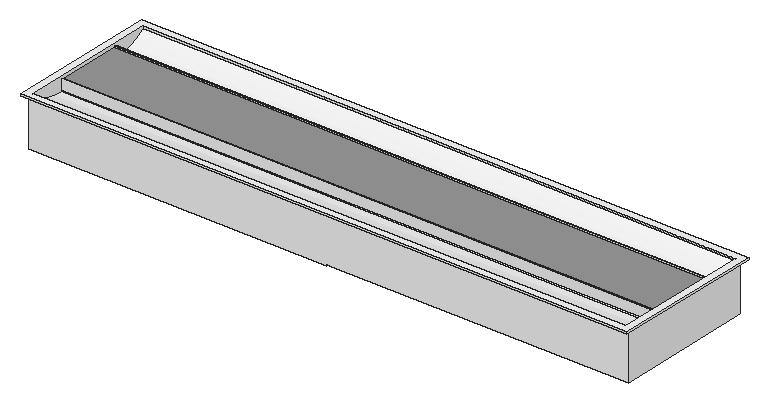
Revit family "2069269 Feilo Sylvania Lighting Fixture OFFICELYTE 1200 HE 4K SSH01 EM", category Lighting Fixtures, host Face, Revit 2017
Family settings
  Host = Face
  Round Connector Dimension = Use Diameter
  Part Type = Normal
  OmniClass Number = 23.80.70.11.17
  OmniClass Title = Specialized Lighting by Location or Use
  Cut with Voids When Loaded = No
  Light Source = Yes
  Shared = No
  Room Calculation Point = No
Parameters (values of type "2069269 OFFICELYTE 1200 HE 4K SSH01 EM")
  Width = 297.0 mm
  Weight = 5.90 kg
  Wattage = 28 W
  built-in parameter 1150110 = 1 (stored number, unit not read)
  Voltage Comments = "UNV (Universal Voltage; 230-240 Volt)"  # constant formula
  Voltage = 230 V  # constant formula
  URL = "http://www.sylvania-lighting.com"
  built-in parameter 1114217 = 1 (stored number, unit not read)
  Tilt Angle = 90.00°
  built-in parameter 1150109 = 1 (stored number, unit not read)
  built-in parameter 1150134 = 12
  built-in parameter 1150113 = 1 (stored number, unit not read)
  Product Page URL = "http://www.sylvania-lighting.com/product/en-int/products/2069269"
  Product Family = "OFFICELYTE LP LED"  # constant formula
  Photometry Comments = ""
  Photometric Web File = "2069269.ies"
  Life = "50 000 h"  # constant formula
  Length = 1197.0 mm
  LOR = "100 %"
  Keynote = "16500"
  IP Rating = "IP40"  # constant formula
  IK Rating = "IK02"  # constant formula
  Glow Wire Test = 650 °C  # constant formula
  Glare Control = "UGR <19"  # constant formula
  Electrical Protection = "CLASS I"  # constant formula
  Diffuser Material = Acrylic_Sylvania_Officelyte LP LED_Satin_4000K
  Height = 95.0 mm
  built-in parameter 1114216 [instance] = 1 (stored number, unit not read)
  Model = "OFFICELYTE 1200 HE 4K SSH01 EM"
  Manufacturer = "Havells-Sylvania Group"  # constant formula
  built-in parameter 1150105 = 1892.3 (stored number, unit not read)
  Lumens = 3444 lm
  built-in parameter 1150115 = 1 (stored number, unit not read)
  built-in parameter 1150137 = (empty or 0)
  built-in parameter 1150139 = (empty or 0)
  built-in parameter 1150112 = 1 (stored number, unit not read)
  built-in parameter 1150114 = 1 (stored number, unit not read)
  Lamp = "LED"
  built-in parameter 1150132 = 2
  built-in parameter 1150102 = (empty or 0)
  built-in parameter 1150107 = 4000 (stored number, unit not read)
  built-in parameter 1150138 = (empty or 0)
  built-in parameter 1150106 = 18.923 (stored number, unit not read)
  Reflector Material = Steel_Sylvania_Officelyte LP LED_White_RAL 9016
  Emit from Rectangle Width = 564.0 mm
  Emit from Rectangle Length = 564.0 mm
  Emit Shape Visible in Rendering = no
  built-in parameter 1150104 = 11.427 (stored number, unit not read)
  Dimming Lamp Color Temperature Shift = <None>
  CRI ( Ra ) = 85
  Body Material = Steel_Sylvania_Officelyte LP LED_White_RAL 9016
  Description = "The Concord OFFICELYTE LP LED HO 4K 600 is a high efficient luminaire for Office, education, meeting rooms. With efficacy of 95lm/W, at 4549lm, CRI of 85 and a very low glare ratio according to EN12464."  # constant formula
  Default Elevation = 0.0 mm
  Color Filter = 16777215
  Catalog Number = "2064456 OFFICELYTE LP LED HE 4K 600"
  built-in parameter 1140040 [instance] = 1
  built-in parameter 1114218 = 1 (stored number, unit not read)
  built-in parameter 1150133 = 10 (stored number, unit not read)
  Assembly Code = "D5020200"
  Apparent Load Comments = ""
  Apparent Load = 28 VA
Reference planes
  plane 1 "Center (Front/Back)": x = 0.711
  plane 2: z = 0
  plane 3 "Center (Left/Right)": y = -70.403
  plane 4 "Fixture Bottom": z = 3
  plane 5 "Fixture Right": y = 78.097
  plane 6 "Profile Right": y = 64.597
  plane 7 "Profile Left": y = -205.403
  plane 8 "Fixture Left": y = -218.903
  plane 9 "Profile Back": x = -578.136
  plane 10 "Fixture Back": x = -591.636
  plane 11 "Fixture Front": x = 599.211
  plane 12: z = -25
  plane 13 "Box Right": y = 66.597
  plane 14 "Box Left": y = -207.403
  plane 15 "Box Back": x = -584.886
  plane 16 "Box Front": x = 587.711
  plane 17: y = -3.903
  plane 18: y = -136.903
  plane 19 "Difuser Right": y = -6.903
  plane 20 "Difuser Left": y = -133.903
  plane 21: z = -2
  plane 22: z = -4
  plane 23 "Profile Front": x = 585.711
  plane 24 "Fixture Top": z = -95
  plane 25 "Box Thickness": z = -93
  plane 26: z = -20
  plane 27: x = -597.789
  plane 28: x = 599.211
Forms (mm)
  Extrusion 1, void
    sketch origin (0, 0, 59) x (-1, 0, 0) y (0, -1, 0)
      loop
        line (-587.711, -66.597) -> (584.886, -66.597) -> (584.886, 207.403) -> (-587.711, 207.403) -> (-587.711, -66.597)
    from -152 to -56
  Extrusion 2, solid, material "Steel_Sylvania_Officelyte LP LED_White_RAL 9016" <- "Reflector Material", detail levels fine
    sketch origin (-294.136, -50.403, 59) x (0, -1, 0) y (1, 0, 0)
      loop
        line (-128.5, -297.5) -> (168.5, -297.5) -> (168.5, 893.347) -> (-128.5, 893.347) -> (-128.5, -297.5)
      loop
        line (155, -284) -> (155, 879.847) -> (-115, 879.847) -> (-115, -284) -> (155, -284)
    from -59 to -56
  Extrusion 3, solid, material "Steel_Sylvania_Officelyte LP LED_White_RAL 9016" <- "Reflector Material", detail levels fine
    sketch origin (0.711, -70.403, 0) x (0, 1, 0) y (0, 0, 1)
      loop
        arc (-65.868, -23.244) -> (-102.251, -17.422) -> (-135, -0.537) r 116.591
        line (-135, -0.537) -> (-135, -2.581)
        arc (-135, -2.581) -> (-102.244, -19.433) -> (-65.868, -25.244) r 116.772
        line (-65.868, -25.244) -> (65.87, -25.244)
        arc (65.87, -25.244) -> (102.245, -19.434) -> (135, -2.581) r 116.769
        line (135, -2.581) -> (135, -0.538)
        arc (135, -0.538) -> (102.252, -17.422) -> (65.87, -23.244) r 116.587
        line (65.87, -23.244) -> (-65.868, -23.244)
    from -578.847 to 585
  Extrusion 4, solid, material "Steel_Sylvania_Officelyte LP LED_White_RAL 9016" <- "Reflector Material", detail levels fine
    sketch origin (-294.136, -70.403, 59) x (0, -1, 0) y (1, 0, 0)
      loop
        line (135, -284) -> (135, 879.847) -> (-135, 879.847) -> (-135, -284) -> (135, -284)
      loop
        line (137, -290.75) -> (137, 886.648) -> (-137, 886.648) -> (-137, -290.75) -> (137, -290.75)
    from -152 to -59
  Extrusion 5, solid, material "Steel_Sylvania_Officelyte LP LED_White_RAL 9016" <- "Reflector Material", detail levels fine
    sketch origin (0, 0, 59) x (-1, 0, 0) y (0, -1, 0)
      loop
        line (578.136, 133.903) -> (578.136, 136.903) -> (-585.711, 136.903) -> (-585.711, 133.903) -> (578.136, 133.903)
      loop
        line (-585.711, 6.903) -> (-585.711, 3.903) -> (578.136, 3.903) -> (578.136, 6.903) -> (-585.711, 6.903)
    from -79 to -59
  Extrusion 6, solid, material "Acrylic_Sylvania_Officelyte LP LED_Satin_4000K" <- "Diffuser Material", detail levels fine
    sketch origin (0, 0, -581) x (-1, 0, 0) y (0, -1, 0)
      loop
        line (578.136, 133.903) -> (-585.711, 133.903) -> (-585.711, 6.903) -> (578.136, 6.903) -> (578.136, 133.903)
    from 577 to 579
  Extrusion 7, solid, material "Steel_Sylvania_Officelyte LP LED_White_RAL 9016" <- "Body Material", detail levels coarse+medium
    sketch origin (-294.136, -70.403, 59) x (0, -1, 0) y (1, 0, 0)
      loop
        line (148.5, -297.5) -> (148.5, 893.347) -> (-148.5, 893.347) -> (-148.5, -297.5) -> (148.5, -297.5)
    from -59 to -56
  Extrusion 8, solid, material "Steel_Sylvania_Officelyte LP LED_White_RAL 9016" <- "Body Material", detail levels coarse+medium
    sketch origin (0, 0, -501) x (-1, 0, 0) y (0, -1, 0)
      loop
        line (584.886, -66.597) -> (584.886, 207.403) -> (-587.711, 207.403) -> (-587.711, -66.597) -> (584.886, -66.597)
    from 406 to 501
  Extrusion 9, solid, material "Steel_Sylvania_Officelyte LP LED_White_RAL 9016" <- "Reflector Material", detail levels fine
    sketch origin (-294.136, -70.403, 59) x (0, -1, 0) y (1, 0, 0)
      loop
        line (-137, -290.75) -> (137, -290.75) -> (137, 294.847) -> (-137, 294.847) -> (-137, -290.75)
    from -154 to -152
Cuts and joins
  joined: Extrusion 2, Extrusion 4, Extrusion 9
  joined: Extrusion 3, Extrusion 5
Lines and regions (mm)
  symbolic lines
    curve 1: line (-591.636, -218.903, 59) -> (-591.636, 78.097, 59)
    curve 2: line (599.211, -218.903, 59) -> (-591.636, -218.903, 59)
    curve 3: line (599.211, 78.097, 59) -> (599.211, -218.903, 59)
    curve 4: line (-591.636, 78.097, 59) -> (599.211, 78.097, 59)
Dimensions and locks
  "Height": host face to plane 24 "Fixture Top"
  locked: plane 25 "Box Thickness" to plane 24 "Fixture Top" at 2
  plane 18 to plane 20 "Difuser Left" = 3.0 mm
  plane 19 "Difuser Right" to plane 17 = 3.0 mm
  plane 8 "Fixture Left" to plane 14 "Box Left" to plane 7 "Profile Left" = 11.5 mm, 2.0 mm
  plane 10 "Fixture Back" to plane 15 "Box Back" to plane 9 "Profile Back" = 6.75 mm, 6.75 mm
  plane 6 "Profile Right" to plane 13 "Box Right" to plane 5 "Fixture Right" = 2.0 mm, 11.5 mm
  plane 23 "Profile Front" to plane 16 "Box Front" to plane 11 "Fixture Front" = 2.0 mm, 11.5 mm
  plane 4 "Fixture Bottom" to plane 2 to plane 21 to plane 22 to plane 12 = 3.0 mm locked, 2.0 mm locked, 2.0 mm locked, 21.0 mm locked
  equal spacing: plane 8 "Fixture Left", plane 3 "Center (Left/Right)", plane 5 "Fixture Right", locked at 148.5 each
  "Width": plane 8 "Fixture Left" to plane 5 "Fixture Right"
  equal spacing: plane 27, plane 1 "Center (Front/Back)", plane 28, locked at 598.5 each
  "Length": plane 27 to plane 28
  aligned and locked: plane 2 to host face
  aligned and locked: level to host face
  aligned and locked: Extrusion 2 to plane 10 "Fixture Back"
  aligned and locked: Extrusion 2 to plane 8 "Fixture Left"
  aligned and locked: plane 7 "Profile Left" to Extrusion 2
  aligned and locked: plane 5 "Fixture Right" to Extrusion 2
  aligned and locked: Extrusion 2 to plane 6 "Profile Right"
  aligned and locked: plane 4 "Fixture Bottom" to Extrusion 2
  aligned and locked: plane 21 to Extrusion 6
  aligned and locked: Extrusion 6 to plane 22
  aligned and locked: Extrusion 7 sketch curve to plane 10 "Fixture Back"
  aligned and locked: plane 5 "Fixture Right" to Extrusion 7 sketch curve
  aligned and locked: Extrusion 8 to plane 24 "Fixture Top"
  aligned and locked: level to Extrusion 8
  aligned and locked: Extrusion 4 sketch curve to plane 9 "Profile Back"
  aligned and locked: Extrusion 4 to Extrusion 1
  aligned and locked: Extrusion 1 to imposter light
  aligned and locked: Extrusion 9 to plane 24 "Fixture Top"
  aligned and locked: plane 25 "Box Thickness" to Extrusion 9
  aligned and locked: cut or joined group of Extrusion 2, Extrusion 4, Extrusion 9 to plane 25 "Box Thickness"
  aligned and locked: Extrusion 4 sketch curve to plane 13 "Box Right"
  aligned and locked: plane 15 "Box Back" to Extrusion 4 sketch curve
  aligned and locked: Extrusion 4 sketch curve to plane 14 "Box Left"
  aligned and locked: plane 13 "Box Right" to Extrusion 9 sketch curve
  aligned and locked: Extrusion 9 sketch curve to plane 15 "Box Back"
  aligned and locked: Extrusion 9 sketch curve to plane 14 "Box Left"
  aligned and locked: cut or joined group of Extrusion 3, Extrusion 5 to plane 7 "Profile Left"
  aligned and locked: cut or joined group of Extrusion 3, Extrusion 5 to plane 6 "Profile Right"
  aligned and locked: cut or joined group of Extrusion 3, Extrusion 5 to plane 9 "Profile Back"
  aligned and locked: cut or joined group of Extrusion 3, Extrusion 5 to plane 23 "Profile Front"
  aligned and locked: Extrusion 1 sketch curve to Extrusion 8  (x4)
  aligned and locked: cut or joined group of Extrusion 3, Extrusion 5 to plane 26
  aligned and locked: plane 4 "Fixture Bottom" to imposter light
Automatic sketch dimensions
  host sketch curve to host sketch curve = 1305.563 mm
  host sketch curve to host sketch curve = 1414.187 mm
  plane 5 "Fixture Right" to Extrusion 2 sketch curve = 0.0 mm
  plane 6 "Profile Right" to Extrusion 2 sketch curve = 0.0 mm
  plane 7 "Profile Left" to Extrusion 2 sketch curve = 0.0 mm
  plane 8 "Fixture Left" to Extrusion 2 sketch curve = 0.0 mm
  Extrusion 2 sketch curve to plane 10 "Fixture Back" = 0.0 mm
  Extrusion 2 sketch curve to plane 9 "Profile Back" = 0.0 mm
  Extrusion 2 sketch curve to plane 23 "Profile Front" = 0.0 mm
  Extrusion 2 sketch curve to plane 11 "Fixture Front" = 0.0 mm
  Extrusion 3 sketch curve to plane 7 "Profile Left" = 0.0 mm
  Extrusion 3 sketch curve to plane 6 "Profile Right" = 0.0 mm
  plane 18 to Extrusion 3 sketch curve = 0.632 mm  (x2)
  Extrusion 3 sketch curve to plane 12 = 0.244 mm
  Extrusion 3 sketch curve to plane 17 = 0.63 mm
  Extrusion 3 sketch curve to Extrusion 3 sketch curve = 0.0 mm
  plane 12 to Extrusion 3 sketch curve = 1.756 mm
  Extrusion 3 sketch curve to level = 2.581 mm  (x2)
  Extrusion 3 sketch curve to level = 0.538 mm
  Extrusion 3 sketch curve to level = 0.537 mm
  plane 6 "Profile Right" to Extrusion 4 sketch curve = 0.0 mm
  plane 7 "Profile Left" to Extrusion 4 sketch curve = 0.0 mm
  plane 23 "Profile Front" to Extrusion 4 sketch curve = 0.0 mm
  Extrusion 5 sketch curve to plane 19 "Difuser Right" = 0.0 mm
  Extrusion 5 sketch curve to plane 23 "Profile Front" = 0.0 mm  (x2)
  Extrusion 5 sketch curve to plane 20 "Difuser Left" = 0.0 mm
  Extrusion 5 sketch curve to plane 9 "Profile Back" = 0.0 mm  (x2)
  Extrusion 5 sketch curve to plane 17 = 0.0 mm
  Extrusion 5 sketch curve to plane 18 = 0.0 mm
  Extrusion 6 sketch curve to plane 20 "Difuser Left" = 0.0 mm
  Extrusion 6 sketch curve to plane 23 "Profile Front" = 0.0 mm
  Extrusion 6 sketch curve to plane 9 "Profile Back" = 0.0 mm
  Extrusion 6 sketch curve to plane 19 "Difuser Right" = 0.0 mm
  plane 8 "Fixture Left" to Extrusion 7 sketch curve = 0.0 mm
  Extrusion 7 sketch curve to plane 11 "Fixture Front" = 0.0 mm
  Extrusion 8 sketch curve to plane 13 "Box Right" = 0.0 mm
  Extrusion 8 sketch curve to plane 16 "Box Front" = 0.0 mm
  Extrusion 8 sketch curve to plane 14 "Box Left" = 0.0 mm
  Extrusion 8 sketch curve to plane 15 "Box Back" = 0.0 mm
  Extrusion 4 sketch curve to Extrusion 4 sketch curve = 6.801 mm
  Extrusion 9 sketch curve to plane 1 "Center (Front/Back)" = 0.0 mm
  plane 8 "Fixture Left" to curve 3 = 0.0 mm
  curve 3 to plane 11 "Fixture Front" = 0.0 mm
  curve 2 to plane 10 "Fixture Back" = 0.0 mm
  plane 5 "Fixture Right" to curve 1 = 0.0 mm
